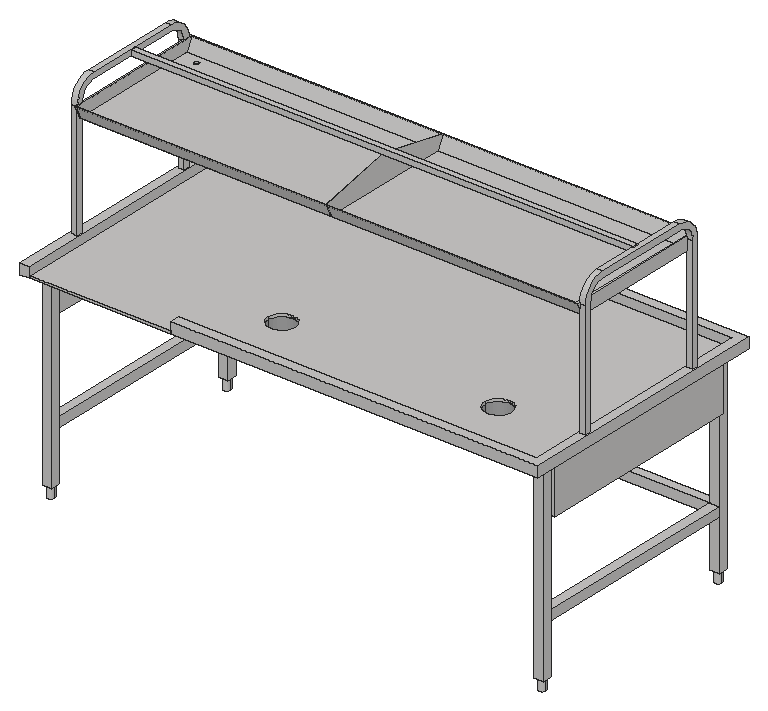
Revit family "QF_ELECTROLUXPROFESSIONAL_865344_BHST2211R", category Attrezzature speciali, Revit 2020
Family settings
  Quota connettore circolare = Usa diametro
  Tipo di parte = Normale
  Basato su piano di lavoro = No
  Sempre verticale = Sì
  Taglio con vuoti quando caricato = No
  Condiviso = No
  Punto di calcolo locali = No
Parameters (values of type "Standard")
  Weight = 19.00 kg
  Watts = 0 W
  Volts = 0 V
  URL Manufacturer = "https://www.electroluxprofessional.com/"
  URL = "https://www.electroluxprofessional.com/"
  Steam Supply Size = 0 mm
  Steam Supply Minimum Pressure = 0.0 Pa
  Steam Supply Maximum Pressure = 0.0 Pa
  Steam Consumption per Hour = 0
  Refrigeration Suction Line Size = 0 mm
  Refrigeration Liquid Line Size = 0 mm
  Refrigerant Compressor Remote = yes
  Prospetto di default = 0 mm
  Produttore = "Electrolux Professional"
  Phase = 0
  Modello = "BHST2211R"
  Length Actual = 2200 mm  # constant formula
  Item Number = "865344"
  Hot Water Size = 0 mm
  Height Actual = 1551 mm  # constant formula
  HP = "0 HP"
  Gas Size = 0 mm
  Gas KW = 0
  Gas Input Pressure = 0 W
  Direct Waste Size = 0 mm
  Description = "SORTING TABLE, RIGHT>LEFT, 2200X1100 MM "
  Depth Actual = 1100 mm  # constant formula
  Cycle = 0 Hz
  Condensate Return Size = 0 mm
  Compressed Air Volume = 0.0 L/s
  Compressed Air Size = 0 mm
  Compressed Air Pressure = 0.0 Pa
  Cold Water Size = 0 mm
  Accessory = yes
Reference planes
  plane 1 "Centro (Fronte/Retro)": y = 0
  plane 2: z = 0
  plane 3 "Centro (Sinistra/Destra)": x = 0
  plane 4: x = 1100
  plane 5: z = 1492
  plane 6: x = 20
  plane 7: y = -557.5
  plane 8: x = 56
  plane 9: x = 944
  plane 10: x = 2200
  plane 11: x = 1644
  plane 12: y = -1115
  plane 13: y = -88
  plane 14: y = -1023
  plane 15: x = 2144
Forms (mm)
  Extrusion 1, solid, material "QF_Finishes_Stainless Steel"
    sketch origin (0, 0, 865) x (1, 0, 0) y (0, 1, 0)
      loop
        line (40, -1115) -> (640, -1115) -> (640, -1075) -> (2160, -1075) -> (2160, -40) -> (40, -40) -> (40, -1115)
    from 0 to 10
  Extrusion 2, solid, material "QF_Finishes_Stainless Steel"
    sketch origin (0, 0, 865) x (1, 0, 0) y (0, 1, 0)
      loop
        line (0, 0) -> (0, -1115) -> (40, -1115) -> (40, -40) -> (2160, -40) -> (2160, -1075) -> (640, -1075) -> (640, -1115) -> (2200, -1115) -> (2200, 0) -> (0, 0)
    from 0 to 45
  Extrusion 3, solid, material "QF_Finishes_Stainless Steel"
    sketch origin (36, -178, 0) x (0, 1, 0) y (0, 0, 1)
      loop
        line (70, 299.579) -> (-825, 299.579) -> (-825, 259.579) -> (70, 259.579) -> (70, 299.579)
    from 0 to 40
  Sweep 4, solid, material "QF_Finishes_Stainless Steel"
    path origin (0, -178, -12) x (0, 1, 0) y (0, 0, 1)
      loop
        line (-95, 922) -> (-95, 1412)
        arc (-95, 1412) -> (-118.431, 1468.569) -> (-175, 1492) r 80
        line (-175, 1492) -> (-584, 1492)
        arc (-584, 1492) -> (-640.569, 1468.569) -> (-664, 1412) r 80
        line (-664, 1412) -> (-664, 922)
    profile origin (0, -273, 1155) x (0, -1, 0) y (1, 0, 0)
      loop
        line (-12, 8) -> (12, 8) -> (12, 32) -> (-12, 32) -> (-12, 8)
  Extrusion 5, solid, material "QF_Finishes_Stainless Steel"
    sketch origin (0, -178, 0) x (0, 1, 0) y (0, 0, 1)
      loop
        line (70, 865) -> (-825, 865) -> (-825, 660) -> (70, 660) -> (70, 865)
    from 20 to 36
  Extrusion 6, solid, material "QF_Finishes_Stainless Steel"
    sketch origin (-964, -68, 0) x (1, 0, 0) y (0, 1, 0)
      loop
        line (1000, 0) -> (1000, -40) -> (1040, -40) -> (1040, 0) -> (1000, 0)
    from 45 to 865
  Extrusion 7, solid, material "QF_Finishes_Stainless Steel"
    sketch origin (-964, -68, 0) x (1, 0, 0) y (0, 1, 0)
      loop
        circle (1020, -20) r 15
    from 0 to 45
  Extrusion 8, solid, material "QF_Finishes_Stainless Steel"
    sketch origin (-964, -1003, 0) x (1, 0, 0) y (0, 1, 0)
      loop
        line (1000, 0) -> (1000, -40) -> (1040, -40) -> (1040, 0) -> (1000, 0)
    from 45 to 865
  Extrusion 9, solid, material "QF_Finishes_Stainless Steel"
    sketch origin (-964, -1003, 0) x (1, 0, 0) y (0, 1, 0)
      loop
        circle (1020, -20) r 15
    from 0 to 45
  Extrusion 10, solid, material "QF_Finishes_Stainless Steel"
    sketch origin (0, -28, 0) x (1, 0, 0) y (0, 0, 1)
      loop
        line (76, 259.624) -> (2124, 259.624) -> (2124, 299.579) -> (76, 299.579) -> (76, 259.624)
    from 40 to 80
  Extrusion 11, solid, material "QF_Finishes_Stainless Steel"
    sketch origin (2200, -178, 0) x (0, 1, 0) y (0, 0, -1)
      loop
        line (70, -865) -> (70, -660) -> (-825, -660) -> (-825, -865) -> (70, -865)
    from 20 to 36
  Extrusion 12, solid, material "QF_Finishes_Stainless Steel"
    sketch origin (3164, -68, 0) x (-1, 0, 0) y (0, -1, 0)
      loop
        line (1000, 0) -> (1040, 0) -> (1040, 40) -> (1000, 40) -> (1000, 0)
    from 45 to 865
  Extrusion 13, solid, material "QF_Finishes_Stainless Steel"
    sketch origin (3164, -68, 0) x (-1, 0, 0) y (0, -1, 0)
      loop
        circle (1020, 20) r 15
    from 0 to 45
  Extrusion 14, solid, material "QF_Finishes_Stainless Steel"
    sketch origin (3164, -1003, 0) x (-1, 0, 0) y (0, -1, 0)
      loop
        line (1000, 0) -> (1040, 0) -> (1040, 40) -> (1000, 40) -> (1000, 0)
    from 45 to 865
  Extrusion 15, solid, material "QF_Finishes_Stainless Steel"
    sketch origin (3164, -1003, 0) x (-1, 0, 0) y (0, -1, 0)
      loop
        circle (1020, 20) r 15
    from 0 to 45
  Extrusion 16, solid, material "QF_Finishes_Stainless Steel"
    sketch origin (0, -178, -12) x (0, 1, 0) y (0, 0, 1)
      loop
        line (-367.5, 1504) -> (-391.5, 1504) -> (-391.5, 1480) -> (-367.5, 1480) -> (-367.5, 1504)
    from 32 to 2168
  Extrusion 17, void
    sketch origin (0, -178, -12) x (1, 0, 0) y (0, 1, 0)
      loop
        circle (108.268, -136.161) r 12
    from 1301.755 to 1377.519
  Extrusion 18, solid, material "QF_Finishes_Stainless Steel"
    sketch origin (0, -178, -12) x (1, 0, 0) y (0, 1, 0)
      loop
        circle (108.21, -136.146) r 13
    from 1316.037 to 1362.532
  Extrusion 19, void
    sketch origin (0, -178, -12) x (1, 0, 0) y (0, 1, 0)
      loop
        circle (108.268, -136.161) r 10
    from 1301.755 to 1377.519
  Sweep 20, solid, material "QF_Finishes_Stainless Steel"
    path origin (2200, -178, -12) x (0, 1, 0) y (0, 0, -1)
      loop
        line (-95, -922) -> (-95, -1412)
        arc (-95, -1412) -> (-118.431, -1468.569) -> (-175, -1492) r 80
        line (-175, -1492) -> (-584, -1492)
        arc (-584, -1492) -> (-640.569, -1468.569) -> (-664, -1412) r 80
        line (-664, -1412) -> (-664, -922)
    profile origin (2200, -273, 1155) x (0, 1, 0) y (-1, 0, 0)
      loop
        line (12, 8) -> (12, 32) -> (-12, 32) -> (-12, 8) -> (12, 8)
  Extrusion 21, void
    sketch origin (1200, -349.25, 0) x (1, 0, 0) y (0, 1, 0)
      loop
        circle (610, -490) r 58
    from 674.596 to 947.421
  Extrusion 22, void
    sketch origin (280, -349.25, 0) x (1, 0, 0) y (0, 1, 0)
      loop
        circle (610, -490) r 58
    from 674.596 to 947.421
  Extrusion 23, solid, material "QF_Finishes_Stainless Steel"
    sketch origin (1, -178, 0) x (0, 1, 0) y (0, 0, 1)
      loop
        line (-367.5, 1468) -> (-391.5, 1468) -> (-687.809, 1406.976) -> (-663.034, 1353.844) -> (-95.966, 1353.844) -> (-71.191, 1406.976) -> (-367.5, 1468)
    from 1098 to 1100
  Extrusion 24, void
    sketch origin (32, -178, -6.687) x (0, 1, 0) y (0, 0, 1)
      loop
        line (-56.629, 1444.891) -> (-702.371, 1444.891) -> (-663.034, 1360.532) -> (-95.966, 1360.532) -> (-56.629, 1444.891)
    from 3.287 to 2130
  Extrusion 25, solid, material "QF_Finishes_Stainless Steel"
    sketch origin (32, -178, -12) x (0, 1, 0) y (0, 0, 1)
      loop
        line (-70.92, 1418.976) -> (-688.08, 1418.976) -> (-661.76, 1362.532) -> (-97.24, 1362.532) -> (-70.92, 1418.976)
    from 0 to 2136
  Extrusion 26, solid, material "QF_Finishes_Stainless Steel"
    sketch origin (2164, -178, 0) x (0, 1, 0) y (0, 0, -1)
      loop
        line (70, -299.579) -> (70, -259.579) -> (-825, -259.579) -> (-825, -299.579) -> (70, -299.579)
    from 0 to 40
Cuts and joins
  Extrusion 17 cuts Extrusion 18
  Extrusion 21, Extrusion 22 cuts Extrusion 1
  Extrusion 19, Extrusion 24 cuts Extrusion 25
Dimensions and locks
  plane 5 to level = 1492 mm  (x2)
  Extrusion 2 to plane 10 = 2200 mm
  plane 10 to plane 3 "Centro (Sinistra/Destra)" = 2200 mm
  Extrusion 2 to Extrusion 2 = 1115 mm
  plane 1 "Centro (Fronte/Retro)" to plane 12 = 1115 mm
  Extrusion 6 to Extrusion 8 = 895 mm
  plane 13 to plane 14 = 935 mm
  Extrusion 10 to Extrusion 10 = 39.955 mm
  plane 15 to plane 8 = 2088 mm
  Sweep 4 to Sweep 4 = 545 mm
  aligned and locked: level to plane 2
  aligned and locked: Extrusion 7 to Extrusion 6
  aligned and locked: Extrusion 9 to Extrusion 8
  aligned and locked: Extrusion 12 to Extrusion 13
  aligned and locked: Extrusion 14 to Extrusion 15
Nested families
  nested 1: "FORO_IMMONDIZIE - 200" at (1810, -839, 863.471), type "FORO_IMMONDIZIE - 200"
  nested 2: "FORO_IMMONDIZIE - 200" at (890, -839, 863.471), type "FORO_IMMONDIZIE - 200"
Definition of nested family "FORO_IMMONDIZIE - 200"
  Parameters (values of type "FORO_IMMONDIZIE - 200")
    Default Elevation = 1219.2 mm
  Reference planes
    plane 1 "Centro (Fronte/Retro)": y = 0
    plane 2: z = 0
    plane 3 "Centro (Sinistra/Destra)": x = 0
    plane 4: z = -110
  Forms (mm)
    Extrusion 1, solid, not visible
      sketch origin (0, 0, 0) x (1, 0, 0) y (0, 1, 0)
        loop
          line (-1219.2, 1219.2) -> (-1219.2, -1219.2) -> (1219.2, -1219.2) -> (1219.2, 1219.2) -> (-1219.2, 1219.2)
      from 0 to -304.8
    Extrusion 2, solid
      sketch origin (0, 0, 0) x (1, 0, 0) y (0, 1, 0)
        loop
          circle (0, 0) r 60
        loop
          circle (0, 0) r 90
      from -110 to 1.529
  Dimensions and locks
    aligned and locked: plane 2 to Extrusion 1
    aligned and locked: level to Extrusion 1
